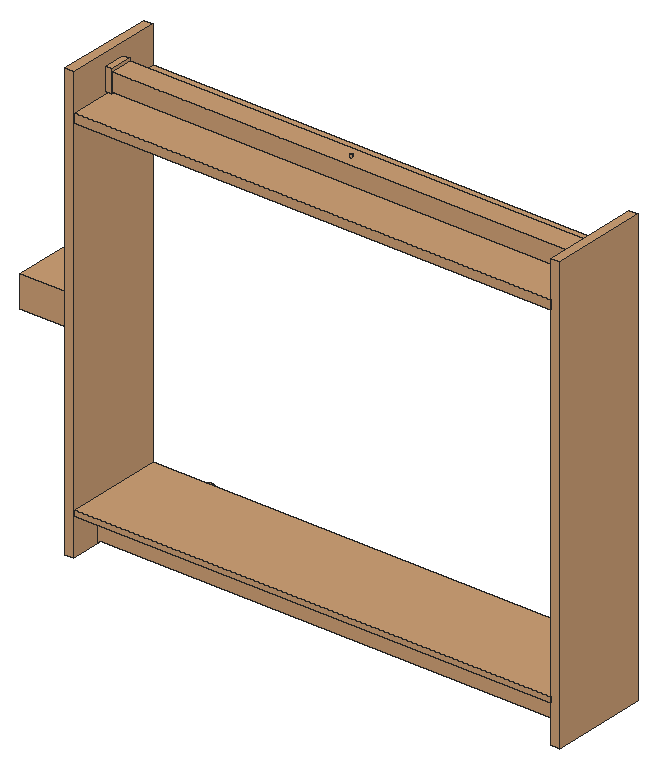
Revit family
Parameters
  Center of Unit = 0' - 0"  # constant formula
  Total Heating Capacity [instance] = 0.0 Btu/h
  Series = "VIFB"
  Outlet Area = 58.10 SF
  Lower Frame Thickness = if(Headers Height = 0' 3", 0' 1 1/4", if(Headers Height = 0' 3 1/4", 0' 1 1/4", 0' 0"))  # 0' - 1 1/4"
  Water Pressure Drop [instance] = 0.00 psi
  Water Flow [instance] = 0 GPM
  Unit Weight (lbs) = 1522
  URL = "http://www.ljwing.com/"
  Water Outlet Radius = 0' - 1 1/2"
  Headers Height = if(M = 0' 1", 0' 3", if(M = 0' 1 1/2", 0' 3 1/4", 0' 0"))  # 0' - 3 1/4"
  Number of Rows = 2  # constant formula
  Number of Coils [instance] = 0
  Nominal Length = 9' - 3 3/16"
  N = 1' - 0 3/4"
  Model = "VE-10W"
  Manufacturer = "LJ Wing"
  M = 0' - 1 1/2"
  Leaving Water Temperature [instance] = 0 °F
  Leaving Air Temperature [instance] = 0 °F
  Entering Water Temperature [instance] = 0 °F
  Entering Air Temperature [instance] = 0 °F
  Description = "Vertical Integral Face & Bypass Water Heating Coils"
  Hot Water Inlet  Radius = 0' - 1 1/2"
  Coil Face Area = Outlet Area * 0.56  # 32.536 SF
  Casing Material = ""
  Assembly Code = "D3020300"
  Air Vent Radius = 0' - 0 1/4"
  Air Pressure Drop [instance] = 0.00 in-wg
  Air Inlet Width = Nominal Length - 0' 4"  # 8' - 11 3/16"
  Air Inlet Height = Y  # 6' - 6"
  Air Flow [instance] = 0 CFM
  Y = 6' - 6"
  S = 0' - 9 3/4"  # constant formula
  Product URL = "http://www.ljwing.com/html/vifb.asp"
  OmniClass = "23-75 70 21 14 "
  Nominal Height = 8' - 2"
  Nominal Depth = 1' - 10"
  R = 0' - 10 1/4"  # constant formula
  Q = 0' - 4 19/32"
Reference planes (in)
  plane 1 "Center (Front/Back)": y = 0
  plane 2: z = -39
  plane 3 "Center (Left/Right)": x = 0
  plane 4: z = 49.25
  plane 5: x = -55.59375
  plane 6: x = 55.59375
  plane 7: z = -48.75
  plane 8: z = 0
  plane 9: y = -11
  plane 10: y = 11
  plane 11: z = 39
  plane 12: z = 41
  plane 13: z = -40.25
  plane 14: x = 53.59375
  plane 15: x = -53.59375
  plane 16: x = -51
  plane 17: x = 51
  plane 18: y = 14.0625
  plane 19: x = -66.59375
  plane 20: z = 46.125
  plane 21: z = 42.125
  plane 22: y = -2.5
  plane 23: y = 2.5
  plane 24: y = -4.5
  plane 25: z = -46.375
  plane 26: x = -42.84375
  plane 27: x = 42.84375
  plane 28: z = -42.375
Forms (in)
  Extrusion 1, solid, material "Painted Finish"
    sketch origin (0, 6, -9.75) x (1, 0, 0) y (0, 0, 1)
      loop
        line (-55.59375, -39) -> (-53.59375, -39) -> (-53.59375, 59) -> (-55.59375, 59) -> (-55.59375, -39)
      loop
        line (55.59375, -39) -> (55.59375, 59) -> (53.59375, 59) -> (53.59375, -39) -> (55.59375, -39)
    from -5 to 17
  Extrusion 2, solid, material "Painted Finish"
    sketch origin (0, 6, 0) x (1, 0, 0) y (0, 0, 1)
      loop
        line (53.59375, -39) -> (-53.59375, -39) -> (-53.59375, -40.25) -> (53.59375, -40.25) -> (53.59375, -39)
      loop
        line (53.59375, 39) -> (53.59375, 41) -> (-53.59375, 41) -> (-53.59375, 39) -> (53.59375, 39)
    from -5 to 17
  Extrusion 3, solid, material "Painted Finish"
    sketch origin (0, 10, -0.5) x (1, 0, 0) y (0, 0, 1)
      loop
        line (-55.59375, 4) -> (-66.59375, 4) -> (-66.59375, -3) -> (-55.59375, -3) -> (-55.59375, 4)
    from 0 to 20
  Extrusion 4, solid, material "Painted Finish"
    sketch origin (0, 6, 0) x (1, 0, 0) y (0, 0, 1)
      loop
        line (-51.96875, 46.125) -> (-51.96875, 42.125) -> (51.96875, 42.125) -> (51.96875, 46.125) -> (-51.96875, 46.125)
    from 3.5 to 8.5
  Extrusion 5, solid, material "Painted Finish"
    sketch origin (0, 0, 0) x (1, 0, 0) y (0, 0, 1)
      loop
        line (-51.96875, 41.625) -> (-51.96875, 46.625) -> (-53.59375, 46.625) -> (-53.59375, 41.625) -> (-51.96875, 41.625)
      loop
        line (53.59375, 41.625) -> (53.59375, 46.625) -> (51.96875, 46.625) -> (51.96875, 41.625) -> (53.59375, 41.625)
    from -2.5 to 2.5
  Extrusion 6, solid, material "Painted Finish"
    sketch origin (0, 6, 0) x (1, 0, 0) y (0, 0, 1)
      loop
        line (-53.09375, -40.75) -> (-53.09375, -40.5) -> (-53.59375, -40.5) -> (-53.59375, -44.25) -> (-53.09375, -44.25) -> (-53.09375, -44) -> (53.09375, -44) -> (53.09375, -44.25) -> (53.59375, -44.25) -> (53.59375, -40.5) -> (53.09375, -40.5) -> (53.09375, -40.75) -> (-53.09375, -40.75)
      loop
        line (53.09375, -48) -> (53.09375, -48.125) -> (53.59375, -48.125) -> (53.59375, -44.5) -> (53.09375, -44.5) -> (53.09375, -44.75) -> (-53.09375, -44.75) -> (-53.09375, -44.5) -> (-53.59375, -44.5) -> (-53.59375, -48.25) -> (-53.09375, -48.25) -> (-53.09375, -48) -> (53.09375, -48)
    from -5 to 10.5
  Extrusion 7, void
    sketch origin (0, 0, 0) x (1, 0, 0) y (0, 0, 1)
      loop
        line (-53.59375, 39) -> (-53.59375, -39) -> (53.59375, -39) -> (53.59375, 39) -> (-53.59375, 39)
    from -11 to 11
  Extrusion 8, solid, material "Painted Finish"
    sketch origin (0, 0, 0) x (1, 0, 0) y (0, 0, 1)
      loop
        circle (42.84375, -46.375) r 1.5
      loop
        circle (-42.84375, -42.375) r 1.5
    from -14.0625 to -11
  Extrusion 9, solid, material "Painted Finish"
    sketch origin (0, 0, 0) x (1, 0, 0) y (0, 1, 0)
      loop
        circle (0, 0) r 0.25
    from 46.125 to 46.625
Cuts and joins
  Extrusion 7 cuts Extrusion 1
  Extrusion 7 cuts Extrusion 2
Dimensions and locks (in)
  "Nominal Length": plane 6 to plane 5
  equal spacing: plane 6, plane 3 "Center (Left/Right)", plane 5
  "S": plane 2 to plane 7
  "Nominal Depth": plane 10 to plane 9
  equal spacing: plane 10, plane 1 "Center (Front/Back)", plane 9
  "Y": plane 11 to plane 2
  "R": plane 4 to plane 11
  locked: plane 12 to plane 11 at 2
  "Lower Frame Thickness": plane 2 to plane 13
  "Q": plane 16 to plane 5
  "Q": plane 6 to plane 17
  locked: plane 18 to plane 10 at 3.0625
  locked: plane 5 to plane 19 at 11
  locked: Extrusion 3 sketch curve to Extrusion 3 sketch curve at 7
  locked: Extrusion 3 to Extrusion 3 at 20
  locked: plane 6 to plane 14 at 2
  locked: plane 15 to plane 5 at 2
  locked: Extrusion 5 sketch curve to plane 20 at 0.5
  locked: plane 21 to Extrusion 5 sketch curve at 0.5
  locked: plane 20 to plane 21 at 4
  locked: plane 23 to plane 22 at 5
  equal spacing: plane 23, plane 1 "Center (Front/Back)", plane 22
  locked: plane 22 to plane 24 at 2
  plane 4 to plane 7 = 8' - 2"
  locked: Extrusion 5 sketch curve to Extrusion 1 at 1.625
  locked: Extrusion 5 sketch curve to Extrusion 5 sketch curve at 1.625
  locked: Extrusion 7 sketch curve to plane 11 at 0
  locked: Extrusion 7 sketch curve to plane 15 at 0
  locked: Extrusion 7 sketch curve to plane 14 at 0
  locked: plane 15 to Extrusion 6 sketch curve at 0.5
  locked: Extrusion 6 sketch curve to Extrusion 6 sketch curve at 0.25  (x2)
  locked: plane 25 to plane 7 at 2.375
  "N": plane 26 to plane 5
  "N": plane 6 to plane 27
  locked: plane 28 to plane 7 at 6.375
  "Headers Height": Extrusion 6 sketch curve to Extrusion 6 sketch curve  (x2)
  locked: Extrusion 8 sketch curve to plane 25 at 0
  locked: Extrusion 8 sketch curve to plane 28 at 0
  locked: Extrusion 9 sketch curve to plane 1 "Center (Front/Back)" at 0
  locked: Extrusion 9 sketch curve to plane 3 "Center (Left/Right)" at 0
  equal spacing: Extrusion 6 sketch curve, plane 28, Extrusion 6 sketch curve
  equal spacing: Extrusion 6 sketch curve, plane 25, Extrusion 6 sketch curve
  locked: plane 4 to plane 20 at 3.125
  locked: Extrusion 7 sketch curve to plane 2 at 0
  equal spacing: plane 11, plane 8, plane 2
  locked: Extrusion 8 sketch curve to plane 27 at 0
  locked: Extrusion 8 sketch curve to plane 26 at 0
  "M": radius of Extrusion 8 sketch curve  (x2)
  "Air Vent Radius": radius of Extrusion 9 sketch curve
  aligned and locked: Extrusion 1 to plane 9
  aligned and locked: Extrusion 1 to plane 10
  aligned and locked: Extrusion 1 to plane 15
  aligned and locked: Extrusion 1 to plane 14
  aligned and locked: Extrusion 2 to plane 9
  aligned and locked: plane 9 to Extrusion 1
  aligned and locked: plane 10 to Extrusion 1  (x2)
  aligned and locked: Extrusion 2 to plane 10
  aligned and locked: plane 10 to Extrusion 2  (x2)
  aligned and locked: plane 9 to Extrusion 2  (x2)
  aligned and locked: plane 5 to Extrusion 3
  aligned and locked: Extrusion 5 sketch curve to plane 15
  aligned and locked: Extrusion 5 sketch curve to Extrusion 4
  aligned and locked: Extrusion 1 to Extrusion 6
  aligned and locked: plane 22 to Extrusion 5
  aligned and locked: Extrusion 5 to Extrusion 4  (x2)
  aligned and locked: Extrusion 5 to plane 23
  aligned and locked: Extrusion 6 to plane 24
  aligned and locked: Extrusion 4 to Extrusion 5  (x2)
  aligned and locked: Extrusion 5 to Extrusion 1  (x2)
  aligned and locked: Extrusion 1 to Extrusion 7  (x2)
  aligned and locked: plane 18 to Extrusion 8
  aligned and locked: Extrusion 8 to plane 10
  aligned and locked: plane 20 to Extrusion 9
  aligned and locked: Extrusion 9 to Extrusion 5
  aligned and locked: plane 2 to cut or joined group of Extrusion 2, Extrusion 7
  aligned and locked: Extrusion 1 sketch curve to plane 6
  aligned and locked: Extrusion 1 sketch curve to plane 14
  aligned and locked: Extrusion 1 sketch curve to plane 15
  aligned and locked: Extrusion 1 sketch curve to plane 5
  aligned and locked: Extrusion 1 sketch curve to plane 4  (x2)
  aligned and locked: plane 7 to Extrusion 1 sketch curve  (x2)
  aligned and locked: Extrusion 2 sketch curve to plane 11
  aligned and locked: Extrusion 2 sketch curve to plane 12
  aligned and locked: plane 2 to Extrusion 2 sketch curve
  aligned and locked: Extrusion 2 sketch curve to plane 13
  aligned and locked: plane 14 to Extrusion 2 sketch curve
  aligned and locked: plane 15 to Extrusion 2 sketch curve
  aligned and locked: Extrusion 2 sketch curve to plane 15
  aligned and locked: Extrusion 2 sketch curve to plane 14
  aligned and locked: plane 20 to Extrusion 4 sketch curve
  aligned and locked: Extrusion 4 sketch curve to plane 21
  aligned and locked: plane 14 to Extrusion 6 sketch curve  (x2)
  aligned and locked: Extrusion 6 sketch curve to plane 15  (x2)
Automatic sketch dimensions
  Extrusion 3 sketch curve to plane 19 = 0' - 0"
  Extrusion 3 sketch curve to plane 5 = 0' - 0"
  plane 8 to Extrusion 3 sketch curve = 0' - 3 1/2"
  Extrusion 4 sketch curve to plane 16 = 0' - 0 31/32"
  plane 17 to Extrusion 4 sketch curve = 0' - 0 31/32"
  plane 21 to Extrusion 5 sketch curve = 0' - 0 1/2"
  Extrusion 5 sketch curve to plane 20 = 0' - 0 1/2"
  plane 15 to Extrusion 6 sketch curve = 0' - 0 1/2"  (x2)
  Extrusion 6 sketch curve to Extrusion 6 sketch curve = 0' - 0 1/4"  (x5)
  Extrusion 6 sketch curve to Extrusion 6 sketch curve = 0' - 0"  (x2)
  Extrusion 6 sketch curve to plane 14 = 0' - 0 1/2"  (x2)
  Extrusion 6 sketch curve to Extrusion 6 sketch curve = 0' - 0 1/2"
  Extrusion 6 sketch curve to plane 7 = 0' - 0 5/8"
Connectors (in)
  hvac at (0, -11, 0), driven by "Air Inlet Height", driven by "Air Inlet Width", driven by "Air Flow", driven by "Air Pressure Drop"
    settings: on Extrusion 7, index 1
  hvac at (0, 11, 0), driven by "Air Pressure Drop", driven by "Air Inlet Height", driven by "Air Inlet Width", driven by "Air Flow"
    settings: on Extrusion 7, index 2
  piping at (-42.84375, 14.0625, -42.375), driven by "M", driven by "Water Flow", driven by "Water Pressure Drop"
    settings: on Extrusion 8, index 4
  piping at (42.84375, 14.0625, -46.375), driven by "Water Pressure Drop", driven by "Water Flow", driven by "M"
    settings: on Extrusion 8, index 5
